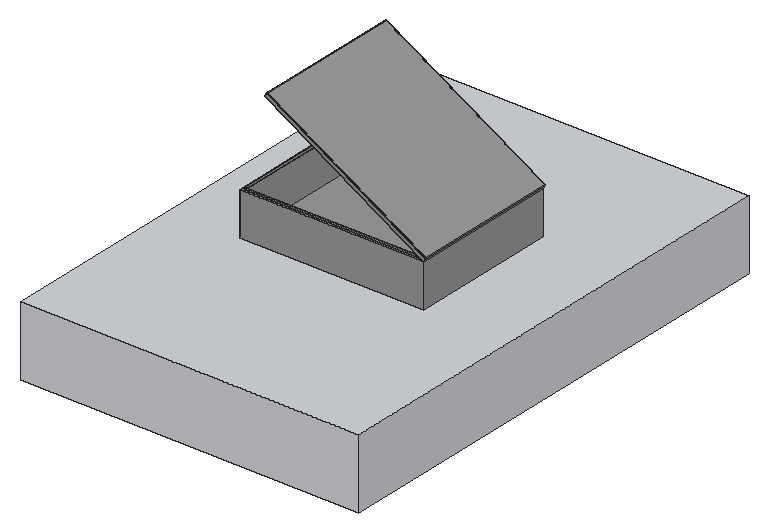
Revit family "Hager-Univers-IP54-D205-H650-Cl.I-Encl-CH-fr", category Equipement électrique, Revit 2020
Family settings
  Hôte = Face
  Configuration du panneau = Deux colonnes, circuits au sein
  Cote de connecteur circulaire = Utiliser le diamètre
  Type d'élément = Tableau de raccordement
  Couper avec des vides une fois chargée = Non
  Partagée = Non
  Point de calcul de pièce = Non
Parameters (values of type "saillie IP54 L800 H650 P205  - FP43TW2")
  Width Control [instance] = if([EF000008 - largeur] > Min Width, [EF000008 - largeur], Min Width)  # 800 mm
  Commentaires du type = [HG000003 - Gamme]  # "Univers"
  Thickness Door [instance] = if([EF009171 - épaisseur de matériau de la porte/du couvercle] > 3 mm, 3 mm, [EF009171 - épaisseur de matériau de la porte/du couvercle])  # 1 mm
  Seal Frame Offset [instance] = 17 mm  # constant formula
  Plinth Visibility [instance] = [HG000027 - Hauteur du socle] > 0 mm  # no
  Model = ""
  Min Width [instance] = 100 mm  # constant formula
  Min Height [instance] = 100 mm  # constant formula
  Min Depth [instance] = (2 * [EF009170 - épaisseur de matériau du boîtier]) + 1 mm  # 3 mm
  Internal Frame Depth [instance] = (Door System Depth * 0.5)  # 9 mm
  Height Control [instance] = if([EF000040 - hauteur] > Min Height, [EF000040 - hauteur], Min Height)  # 650 mm
  HG000027 - Hauteur du socle = 0 mm
  HG000026 - Installation au sol = no
  HG000024 - Hauteur de la section basse = 800 mm
  HG000023 - Armoire double section = no
  HG000016 - Visibilité de la porte 3D [instance] = yes
  HG000015 - Visibilité de l'emprise de la porte [instance] = no
  HG000014 - Porte à droite [instance] = yes
  HG000013 - Porte à gauche [instance] = not([HG000014 - Porte à droite])  # no
  HG000012 - Angle de pivotement de la porte [instance] = 30.00°
  HG000010 - Portes asymétriques = no
  HG000009 - Porte à double battant = no
  HG000006 - Encastré = no
  HG000004 - Référence fabricant = "FP43TW2"
  HG000003 - Gamme = "Univers"
  HG000002 - avec porte = yes
  Frame Offset Bottom [instance] = 10 mm  # constant formula
  Frame Offset [instance] = 15 mm  # constant formula
  EF015940 - couvercle avec décharge de pression = no
  EF011959 - degré de protection (NEMA) = ""
  EF009554 - nombre d'ouvertures pour plaques à bride = 6
  Fabricant = "Hager"  # constant formula
  EF009212 - finition du couvercle = "EV000116 - fermé"
  EF009171 - épaisseur de matériau de la porte/du couvercle = 1 mm
  EF009170 - épaisseur de matériau du boîtier = 1 mm
  EF008873 - courant nominal (In) = 250 A
  EF007800 - adapté à un parafoudre = no
  EF006306 - avec serrure = no
  EF006244 - couvercle/porte transparent(e) = no
  EF005474 - indice de protection (IP) = "EV006419 - IP54"
  EF004464 - type de porte = "EV002646 - unique"
  EF004427 - nombre de modules = 144
  EF004293 - indice de protection contre les chocs (IK) = "EV006815 - IK09"
  EF003532 - convient pour utilisation à l’extérieur = no
  EF002950 - largeur en nombre de modules = 36
  EF001613 - maintien de fonction = "EV000494 - sans"
  EF001596 - matériau du boîtier/corps = "EV000179 - acier"
  EF001131 - profondeur intérieure = 205 mm
  EF001088 - possibilité de montage en saillie = yes
  EF000437 - nombre d'entrées de conduit = 6
  EF000339 - type de capot = "EV001012 - couvercle"
  EF000266 - nombre de rangées = 4
  EF000218 - profondeur d'encastrement = 205 mm
  EF000118 - avec cadre/support de montage = no
  EF000116 - numéro RAL = "9010"
  EF000049 - profondeur = 205 mm
  EF000040 - hauteur = 650 mm
  EF000008 - largeur = 800 mm
  EF000007 - couleur = "EV000202 - blanc"
  EF000003 - mode de pose = "EV000384 - saillie"
  Door System Leaf Tolerance [instance] = 1.5 mm  # constant formula
  Door System Depth [instance] = 18 mm  # constant formula
  Door Height [instance] = Height Control - [HG000027 - Hauteur du socle]  # 650 mm
  Depth Control [instance] = if([EF000049 - profondeur] > Min Depth, [EF000049 - profondeur], Min Depth)  # 205 mm
  Default Elevation = 0 mm
  Connector Offset [instance] = Height Control / 2  # 325 mm
  Bottom Top Plate Trim [instance] = 1.5 mm  # constant formula
  Plinth height Ctrl [instance] = if([HG000027 - Hauteur du socle] > 0 mm, [HG000027 - Hauteur du socle], 12 mm)  # 12 mm
Types (5, lengths in mm): name | Width Control | HG000004 - Référence fabricant | EF009554 - nombre d'ouvertures pour plaques à bride | EF004464 - type de porte | EF004427 - nombre de modules | EF002950 - largeur en nombre de modules | EF000437 - nombre d'entrées de conduit | EF000008 - largeur
  saillie IP54 L1050 H650 P205  - FP44TW2 | 1050 | "FP44TW2" | 8 | "EV003602 - double" | 192 | 48 | 8 | 1050
  saillie IP54 L1300 H650 P205  - FP45TW2 | 1300 | "FP45TW2" | 10 | "EV003602 - double" | 240 | 60 | 10 | 1300
  saillie IP54 L300 H650 P205  - FP41TW2 | 300 | "FP41TW2" | 2 | "EV002646 - unique" | 48 | 12 | 2 | 300
  saillie IP54 L550 H650 P205  - FP42TW2 | 550 | "FP42TW2" | 4 | "EV002646 - unique" | 96 | 24 | 4 | 550
  saillie IP54 L800 H650 P205  - FP43TW2 | 800 | "FP43TW2" | 6 | "EV002646 - unique" | 144 | 36 | 6 | 800
Reference planes
  plane 1 "Center (Front/Back)": y = 0
  plane 2: z = 0
  plane 3 "Center (Left/Right)": x = 0
  plane 4: z = 205
  plane 5: y = 1
  plane 6: y = 325
  plane 7: y = 0
  plane 8: y = 650
  plane 9: z = 0
  plane 10: x = -385
  plane 11: x = 385
  plane 12: x = 384
  plane 13: x = -384
  plane 14: y = 649
  plane 15: x = -383
  plane 16: x = -400
  plane 17: x = 383
  plane 18: x = 400
  plane 19: x = 399
  plane 20: x = -399
  plane 21: y = 11
  plane 22: y = 650
  plane 23: y = 634
  plane 24: z = 187
  plane 25: z = 1
  plane 26: z = 186
  plane 27: z = 204
Forms (mm)
  Extrusion 1, solid
    sketch origin (0, 0, 0) x (1, 0, 0) y (0, 1, 0)
      loop
        line (-702.964, 1305) -> (-702.964, -811.445) -> (766.763, -811.445) -> (766.763, 1305) -> (-702.964, 1305)
    from 0 to -304.8
  Extrusion 2, solid, material "Hager_Steel_RAL7035_Light_Grey", visible <- "Plinth Visibility", detail levels medium+fine
    sketch origin (0, 0, 0) x (1, 0, 0) y (0, 1, 0)
      loop
        line (-400, 0) -> (400, 0) -> (400, 12) -> (-400, 12) -> (-400, 0)
    from 0 to 187
  Extrusion 3, solid, material "Hager_Steel_RAL7035_Light_Grey", detail levels medium+fine
    sketch origin (0, 0, 0) x (1, 0, 0) y (0, 1, 0)
      loop
        line (-400, 0) -> (400, 0) -> (400, 650) -> (-400, 650) -> (-400, 0)
    from 0 to 187
  Extrusion 4, void
    sketch origin (0, 0, 0) x (1, 0, 0) y (0, 1, 0)
      loop
        line (-399, 1) -> (399, 1) -> (399, 649) -> (-399, 649) -> (-399, 1)
    from 1 to 186
  Extrusion 5, void
    sketch origin (-381.607, -4572, 187) x (0, -1, 0) y (-1, 0, 0)
      loop
        line (-4583, 2.393) -> (-5206, 2.393) -> (-5206, -765.607) -> (-4583, -765.607) -> (-4583, 2.393)
    from 0 to 1 <- "EF009170 - épaisseur de matériau du boîtier"
  Extrusion 6, solid, material "Hager_Steel_RAL7035_Light_Grey", detail levels fine
    sketch origin (0, 0, 187) x (1, 0, 0) y (0, 1, 0)
      loop
        line (-384, 634) -> (-384, 11) -> (384, 11) -> (384, 634) -> (-384, 634)
      loop
        line (-385, 10) -> (385, 10) -> (385, 635) -> (-385, 635) -> (-385, 10)
    from 0 to 9 <- "Internal Frame Depth"
  Extrusion 7, solid, material "Hager_Steel_RAL7035_Light_Grey", detail levels coarse
    sketch origin (0, 0, 0) x (1, 0, 0) y (0, 1, 0)
      loop
        line (-400, 0) -> (400, 0) -> (400, 650) -> (-400, 650) -> (-400, 0)
    from 0 to 205
  Sweep 8, void
    path in 3D
      loop
        line (-400, 12, 0) -> (400, 12, 0) -> (400, 12, 187) -> (-400, 12, 187) -> (-400, 12, 0)
    profile origin (-400, 12, 93.5) x (-1, 0, 0) y (0, -1, 0)
      loop
        line (0, 0) -> (0, 1.5) -> (-1.5, 1.5)
        arc (-1.5, 1.5) -> (-1.061, 0.439) -> (0, 0) r 1.5
Cuts and joins
  Extrusion 4, Extrusion 5 cuts Extrusion 3
  Sweep 8 cuts Extrusion 2
Lines and regions (mm)
  Masking region 1
    outline origin (0, 0, 0) x (1, 0, 0) y (0, 0, 1)
      loop
        line (-400, 205) -> (-400, 0) -> (400, 0) -> (400, 205) -> (-400, 205)
  Masking region 2, detail levels medium+fine
    outline origin (0, 140, 0) x (0, 1, 0) y (0, 0, 1)
      loop
        line (-140, 0) -> (510, 0) -> (510, 187) -> (-140, 187) -> (-140, 0)
  Masking region 3, not visible, detail levels medium+fine
    outline origin (0, 297.922, 0) x (0, 1, 0) y (0, 0, 1)
      loop
        line (38.578, 0) -> (78.578, 0) -> (78.578, 194)
        arc (78.578, 194) -> (75.649, 201.071) -> (68.578, 204) r 10
        line (68.578, 204) -> (38.578, 204) -> (38.578, 0)
  Masking region 4, detail levels coarse
    outline origin (0, 0, 180) x (0, 1, 0) y (0, 0, 1)
      loop
        line (0, -180) -> (650, -180) -> (650, 25) -> (0, 25) -> (0, -180)
  Masking region 5, visible <- "Plinth Visibility", detail levels medium+fine
    outline origin (0, 52.24, 12.345) x (0, 0, -1) y (0, 1, 0)
      loop
        line (10.845, -40.24) -> (-173.155, -40.24)
        arc (-173.155, -40.24) -> (-173.594, -41.301) -> (-174.655, -41.74) r 1.5
        line (-174.655, -41.74) -> (-174.655, -52.24) -> (12.345, -52.24) -> (12.345, -41.74)
        arc (12.345, -41.74) -> (11.285, -41.301) -> (10.845, -40.24) r 1.5
  Masking region 6, detail levels medium+fine
    outline origin (-381.607, -4572, 187) x (-1, 0, 0) y (0, -1, 0)
      loop
        line (18.393, -5222) -> (18.393, -4572) -> (-781.607, -4572) -> (-781.607, -5222) -> (18.393, -5222)
  Masking region 7, visible <- "Plinth Visibility", detail levels medium+fine
    outline origin (-381.607, -4727, 187) x (-1, 0, 0) y (0, -1, 0)
      loop
        arc (16.893, -4739) -> (17.332, -4737.939) -> (18.393, -4737.5) r 1.5
        line (18.393, -4737.5) -> (18.393, -4727) -> (-781.607, -4727) -> (-781.607, -4737.5)
        arc (-781.607, -4737.5) -> (-780.546, -4737.939) -> (-780.107, -4739) r 1.5
        line (-780.107, -4739) -> (16.893, -4739)
  Masking region 8, detail levels coarse
    outline origin (-442.548, -4669.526, 187) x (-1, 0, 0) y (0, -1, 0)
      loop
        line (-42.548, -5319.526) -> (-42.548, -4669.526) -> (-842.548, -4669.526) -> (-842.548, -5319.526) -> (-42.548, -5319.526)
  sketch lines
    curve 1: line (-400, 12, 187) -> (-400, 12, 0)
    curve 2: line (400, 12, 187) -> (-400, 12, 187)
    curve 3: line (400, 12, 187) -> (400, 12, 0)
    curve 4: line (-400, 12, 0) -> (400, 12, 0)
Dimensions and locks
  "Depth Control": plane 4 to Extrusion 1
  "HG000027 - Hauteur du socle": plane 1 "Center (Front/Back)" to plane 7
  "EF009170 - épaisseur de matériau du boîtier": plane 5 to plane 7
  locked: connector elem to plane 3 "Center (Left/Right)"
  equal spacing: plane 8, plane 6, plane 7
  locked: connector elem to plane 6
  "EF009170 - épaisseur de matériau du boîtier": plane 8 to plane 14
  "EF009170 - épaisseur de matériau du boîtier": plane 10 to plane 13
  "EF009170 - épaisseur de matériau du boîtier": plane 12 to plane 11
  "Frame Offset": plane 20 to plane 13
  "Frame Offset": plane 12 to plane 19
  "EF009170 - épaisseur de matériau du boîtier": plane 16 to plane 20
  "EF009170 - épaisseur de matériau du boîtier": plane 19 to plane 18
  "Seal Frame Offset": plane 16 to plane 15
  "Seal Frame Offset": plane 17 to plane 18
  "Frame Offset Bottom": plane 21 to plane 5
  "Frame Offset": plane 14 to plane 23
  equal spacing: plane 16, plane 3 "Center (Left/Right)", plane 18
  "Width Control": plane 16 to plane 18
  "EF009170 - épaisseur de matériau du boîtier": plane 4 to plane 27
  "EF009170 - épaisseur de matériau du boîtier": plane 24 to plane 26
  "EF009170 - épaisseur de matériau du boîtier": plane 25 to level
  "Door System Depth": plane 4 to plane 24
  "Height Control": plane 1 "Center (Front/Back)" to Extrusion 7 sketch curve
  "Height Control": Masking region 4 sketch curve to plane 1 "Center (Front/Back)"
  "Height Control": plane 1 "Center (Front/Back)" to plane 22
  "Bottom Top Plate Trim": profile plane to Sweep 8 sketch curve
  "Bottom Top Plate Trim": Sweep 8 sketch curve to profile plane
  "Plinth height Ctrl": plane 1 "Center (Front/Back)" to Extrusion 2 sketch curve
  "Plinth height Ctrl": Masking region 5 sketch curve to plane 1 "Center (Front/Back)"
  "Plinth height Ctrl": plane 1 "Center (Front/Back)" to Masking region 7 sketch curve
  "Thickness Door": Extrusion 6 sketch curve to Extrusion 6 sketch curve  (x3)
  "Thickness Door": cut or joined group of Extrusion 3, Extrusion 4, Extrusion 5 to Extrusion 6 sketch curve
  radius of Masking region 3 sketch curve = 10 mm
  "Bottom Top Plate Trim": radius of Masking region 5 sketch curve  (x2)
  "Bottom Top Plate Trim": radius of Sweep 8 sketch curve
  "Bottom Top Plate Trim": radius of Masking region 7 sketch curve  (x2)
  aligned and locked: plane 2 to Extrusion 1
  aligned and locked: level to Extrusion 1
  aligned and locked: level to Masking region 1 sketch curve
  aligned and locked: Masking region 1 sketch curve to plane 18
  aligned and locked: Masking region 1 sketch curve to plane 16
  aligned and locked: plane 7 to Masking region 2 sketch curve
  aligned and locked: level to Masking region 3 sketch curve
  aligned and locked: Masking region 3 sketch curve to plane 27
  aligned and locked: level to Masking region 2 sketch curve
  aligned and locked: plane 1 "Center (Front/Back)" to Extrusion 2 sketch curve
  aligned and locked: Extrusion 3 sketch curve to plane 7
  aligned and locked: plane 16 to Extrusion 3 sketch curve
  aligned and locked: plane 18 to Extrusion 3 sketch curve
  aligned and locked: plane 20 to Extrusion 4 sketch curve
  aligned and locked: plane 19 to Extrusion 4 sketch curve
  aligned and locked: Extrusion 4 sketch curve to plane 5
  aligned and locked: Extrusion 4 to plane 25
  aligned and locked: plane 26 to Extrusion 4
  aligned and locked: plane 24 to Extrusion 3
  aligned and locked: Extrusion 5 sketch curve to plane 21
  aligned and locked: Extrusion 5 sketch curve to plane 13
  aligned and locked: Extrusion 5 sketch curve to plane 12
  aligned and locked: plane 18 to Extrusion 7 sketch curve
  aligned and locked: plane 1 "Center (Front/Back)" to Extrusion 7 sketch curve
  aligned and locked: plane 16 to Extrusion 7 sketch curve
  aligned and locked: plane 4 to Extrusion 7
  aligned and locked: Extrusion 7 to level
  aligned and locked: level to Masking region 4 sketch curve
  aligned and locked: Masking region 4 sketch curve to plane 1 "Center (Front/Back)"
  aligned and locked: Masking region 4 sketch curve to plane 4
  aligned and locked: nested 1 to level
  aligned and locked: nested 1 to plane 16
  aligned and locked: plane 8 to Extrusion 3 sketch curve
  aligned and locked: plane 23 to Extrusion 5 sketch curve
  aligned and locked: plane 14 to Extrusion 4 sketch curve
  aligned and locked: Masking region 2 sketch curve to plane 8
  aligned and locked: level to Masking region 5 sketch curve
  aligned and locked: plane 16 to Extrusion 2 sketch curve
  aligned and locked: plane 18 to Extrusion 2 sketch curve
  aligned and locked: Masking region 5 sketch curve to plane 24
  aligned and locked: Masking region 2 sketch curve to plane 24
  aligned and locked: plane 24 to Extrusion 2
  aligned and locked: profile plane to Sweep 8 sketch curve  (x2)
  aligned and locked: Masking region 6 sketch curve to plane 18
  aligned and locked: Masking region 6 sketch curve to plane 22
  aligned and locked: Masking region 6 sketch curve to plane 16
  aligned and locked: plane 8 to plane 22
  aligned and locked: Masking region 6 sketch curve to plane 7
  aligned and locked: Masking region 7 sketch curve to plane 16
  aligned and locked: Masking region 7 sketch curve to plane 1 "Center (Front/Back)"
  aligned and locked: Masking region 7 sketch curve to plane 18
  aligned and locked: Masking region 8 sketch curve to plane 1 "Center (Front/Back)"
  aligned and locked: Masking region 8 sketch curve to plane 18
  aligned and locked: Masking region 8 sketch curve to plane 22
  aligned and locked: Masking region 8 sketch curve to plane 16
  aligned and locked: nested 2 to plane 7
  aligned and locked: plane 3 "Center (Left/Right)" to nested 2
  aligned and locked: nested 2 to plane 24
  aligned and locked: Extrusion 6 sketch curve to cut or joined group of Extrusion 3, Extrusion 4, Extrusion 5  (x4)
Automatic sketch dimensions
  Extrusion 1 sketch curve to Extrusion 1 sketch curve = 1469.727 mm
  Extrusion 1 sketch curve to Extrusion 1 sketch curve = 2116.445 mm
  Masking region 1 sketch curve to plane 4 = 0 mm
  plane 6 to Masking region 3 sketch curve = 11.5 mm
  Masking region 3 sketch curve to Masking region 3 sketch curve = 30 mm
  Masking region 5 sketch curve to plane 1 "Center (Front/Back)" = 0 mm
Nested families
  nested 1: "Hager_Enclosure_Symbol" at (-400, 0, 0) x (1, 0, 0) z (0, -1, 0), Height <- "Depth Control", Width <- "Width Control", type "Hager_Enclosure_Symbol"
    with Width_Ctrl 800 mm, Width 800 mm, Height_Ctrl 205 mm, Height 205 mm, A_Width_Int 13.453 mm, A_Width 161.438 mm, A_Height_Ctrl 179.375 mm, A_Height 179.375 mm
  nested 2: "EC000058_Univers_Door" at (0, 0, 187) x (1, 0, 0) z (0, 1, 0), Leaf_Tolerance <- "Door System Leaf Tolerance", Angle <- "HG000012 - Angle de pivotement de la porte", Door_Depth <- "Door System Depth", Door_Left <- "HG000013 - Porte à gauche", Transparent <- "EF006244 - couvercle/porte transparent(e)", Assymetrical <- "HG000010 - Portes asymétriques", Width <- "Width Control", Clearance <- "HG000015 - Visibilité de l'emprise de la porte", Double <- "HG000009 - Porte à double battant", 3d_Door <- "HG000016 - Visibilité de la porte 3D", Lock_Visibility <- "EF006306 - avec serrure", Width_Ctrl <- "Width Control", Door_Right <- "HG000014 - Porte à droite", Door <- "HG000002 - avec porte", Height <- "Door Height", Thickness <- "Thickness Door", type "EC000058_Univers_Door", detail levels medium+fine
    with min_wh 3 mm, Width_Ctrl 800 mm, Width 800 mm, Transparent no, Thickness 1 mm, Seal_Material Hager_Rubber, Lock_Visibility no, Lock_Material Hager_Plastic_RAL9005_Jet_Black, Leaf_Width 800 mm, Leaf_Tolerance_External_Sides 0 mm, Leaf_Tolerance 1.5 mm, Leaf_Offset 0 mm, Leaf_Height 647 mm, Leaf_2_Width 800 mm, Leaf_2_Offset 400 mm, Leaf_1_Width 800 mm, Leaf_1_Offset 400 mm, Height_Ctrl 650 mm, Height 650 mm, Glass_Material Hager_Glass, Double_Clearance_Ctrl no, Double no, Door_Right_Ctrl yes, Door_Right yes, Door_Material Hager_Steel_RAL7035_Light_Grey, Door_Left_Ctrl no, Door_Left no, Door_Depth 18 mm, Door yes, Clearance_Material Hager_Clearance, Clearance_Depth 800 mm, Clearance_Ctrl no, Clearance no, Assymetrical no, Angle 30.00°, 3d_Door yes
Connectors
  electrical at (0, 325, 0)
    settings: on plane 9, index 1, voltage 0 V, apparent load 0 VA, apparent load phase1 0 VA, apparent load phase2 0 VA, apparent load phase3 0 VA, power factor 1, load classification "Other", number of poles 1, system type 30, power factor state 1, is connector primary yes, connector utility no, sub classification motor no, connector description ""
Definition of nested family "EC000058_Univers_Door"
  Parameters (values of type "EC000058_Univers_Door")
    min_wh [instance] = (2 * Thickness) + 1 mm  # 11 mm
    Width_Ctrl [instance] = 400 mm
    Width [instance] = 500 mm
    Transparent [instance] = yes
    Thickness [instance] = 5 mm
    Seal_Material [instance] = none
    Lock_Visibility [instance] = yes
    Lock_Material [instance] = none
    Leaf_Width [instance] = if((Width_Ctrl - 2 * Leaf_Tolerance_External_Sides) > 0 mm, (Width_Ctrl - 2 * Leaf_Tolerance_External_Sides), min_wh)  # 400 mm
    Leaf_Tolerance_External_Sides [instance] = 0 mm  # constant formula
    Leaf_Tolerance [instance] = 1.5 mm
    Leaf_Offset [instance] = 0 mm  # constant formula
    Leaf_Height [instance] = if((Height_Ctrl - 2 * Leaf_Tolerance) > 0 mm, (Height_Ctrl - 2 * Leaf_Tolerance), min_wh)  # 497 mm
    Leaf_2_Width [instance] = if(and(and(Double, Assymetrical), Door_Left), (Leaf_Width / 3) - (Leaf_Tolerance / 2), if(and(and(Double, Assymetrical), Door_Right), (Leaf_Width / 3) * 2 - (Leaf_Tolerance / 2), if(and(Double, not(Assymetrical)), (Leaf_Width / 2) - Leaf_Tolerance, Leaf_Width)))  # 400 mm
    Leaf_2_Offset [instance] = if(and(Double, Assymetrical), Leaf_2_Width / 2, if(and(Double, not(Assymetrical)), Leaf_Width / 4, Leaf_Width / 2))  # 200 mm
    Leaf_1_Width [instance] = if(and(and(Double, Assymetrical), Door_Right), (Leaf_Width / 3) - (Leaf_Tolerance / 2), if(and(and(Double, Assymetrical), Door_Left), (Width / 3) * 2 - (Leaf_Tolerance / 2), if(and(Double, not(Assymetrical)), (Leaf_Width / 2) - Leaf_Tolerance, Leaf_Width)))  # 400 mm
    Leaf_1_Offset [instance] = if(and(Double, Assymetrical), Leaf_1_Width / 2, if(and(Double, not(Assymetrical)), Leaf_Width / 4, Leaf_Width / 2))  # 200 mm
    Height_Ctrl [instance] = if(Height > min_wh, Height, min_wh)  # 500 mm
    Height [instance] = 500 mm
    Glass_Material [instance] = none
    Double_Clearance_Ctrl [instance] = and(Double, Clearance)  # no
    Double [instance] = no
    Door_Right_Ctrl [instance] = and(or(Door_Right, Double), Door)  # yes
    Door_Right [instance] = yes
    Door_Material [instance] = none
    Door_Left_Ctrl [instance] = and(or(Door_Left, Double), Door)  # no
    Door_Left [instance] = no
    Door_Depth [instance] = 30 mm
    Door [instance] = yes
    Default Elevation = 1219.2 mm
    Clearance_Material [instance] = none
    Clearance_Depth [instance] = if(Leaf_1_Width > Leaf_2_Width, Leaf_1_Width, Leaf_2_Width)  # 400 mm
    Clearance_Ctrl [instance] = and(not(Double), Clearance)  # yes
    Clearance [instance] = yes
    Assymetrical [instance] = yes
    Angle [instance] = 30.00°
    3d_Door [instance] = yes
  Reference planes
    plane 1 "Center (Front/Back)": y = 0
    plane 2 "Bottom": z = 0
    plane 3 "Center (Left/Right)": x = 0
    plane 4: z = 500
    plane 5: x = -200
    plane 6: x = 200
    plane 7: z = 500
    plane 8: x = -200
    plane 9: z = 0
    plane 10: x = 200
    plane 11: y = 0
    plane 12: z = 1.5
    plane 13: x = -600
    plane 14: y = -400
    plane 15: x = 600
    plane 16: x = 0
    plane 17: x = 0
    plane 18: x = -200
    plane 19: x = 200
    plane 20: z = 498.5
  Forms (mm)
    Extrusion 1, solid, material <- "Clearance_Material", visible <- "Double_Clearance_Ctrl"
      sketch origin (1200, 0, 0) x (1, 0, 0) y (0, 0, -1)
        loop
          line (-1800, -498.5) -> (-600, -498.5) -> (-600, 0) -> (-1800, 0) -> (-1800, -498.5)
      from 0 to -400
  Dimensions and locks
    equal spacing: plane 5, plane 3 "Center (Left/Right)", plane 6
    "Width_Ctrl": plane 5 to plane 6
    "Leaf_Offset": plane 5 to plane 8
    "Leaf_Offset": plane 6 to plane 10
    "Leaf_Offset": plane 9 to level
    "Leaf_Offset": plane 4 to plane 7
    "Height_Ctrl": plane 4 to level
    "Leaf_Tolerance": plane 12 to plane 9
    locked: plane 11 to plane 1 "Center (Front/Back)"
    "Leaf_1_Offset": plane 18 to plane 16
    "Leaf_2_Offset": plane 17 to plane 19
    "Leaf_1_Width": plane 13 to plane 8
    "Leaf_2_Width": plane 10 to plane 15
    "Clearance_Depth": plane 14 to plane 1 "Center (Front/Back)"
    "Leaf_Tolerance_External_Sides": plane 8 to plane 18
    "Leaf_Tolerance_External_Sides": plane 19 to plane 10
    "Leaf_Tolerance": plane 7 to plane 20
    aligned and locked: level to plane 2 "Bottom"
    aligned and locked: nested 1 to plane 16
    aligned and locked: nested 2 to plane 17
    aligned and locked: Extrusion 1 to plane 13
    aligned and locked: plane 15 to Extrusion 1
    aligned and locked: Extrusion 1 to plane 14
    aligned and locked: plane 12 to nested 1
    aligned and locked: nested 2 to plane 12
    aligned and locked: Extrusion 1 to plane 11
    aligned and locked: plane 20 to Extrusion 1
    aligned and locked: nested 2 to plane 11
    aligned and locked: nested 1 to plane 11
  Automatic sketch dimensions
    Extrusion 1 sketch curve to level = 0 mm
    plane 5 to Extrusion 1 sketch curve = 400 mm
    plane 6 to Extrusion 1 sketch curve = 400 mm
    Extrusion 1 sketch curve to plane 4 = 1.5 mm
  Nested families
    nested 1: "EC000058_Univers_Door_Leaf" at (0, 0, 1.5), Width <- "Leaf_1_Width", visible <- "Door_Left_Ctrl", Leaf_Height <- "Leaf_Height", Angle <- "Angle", 3d_Door <- "3d_Door", Transparent <- "Transparent", Clearance Material <- "Clearance_Material", Clearance <- "Clearance_Ctrl", Door_Material <- "Door_Material", Glass_Material <- "Glass_Material", Door_Depth <- "Door_Depth", Lock_Material <- "Lock_Material", Seal_Material <- "Seal_Material", Lock_Visibility <- "Lock_Visibility", Thickness <- "Thickness", type "EC000058_Univers_Door_Leaf"
      with Width 400 mm, Transparent_Glass_Offset 30 mm, Transparent_Ctrl yes, Transparent yes, Thickness 5 mm, Standard no, Seal_Material none, Seal_D2 8 mm, Seal_D1 1 mm, Offset_Internal_Frame 10 mm, Lock_Width 20 mm, Lock_Visibility_3d yes, Lock_Visibility yes, Lock_Thickness_3 3 mm, Lock_Thickness_2 1 mm, Lock_Thickness_1 3 mm, Lock_Radius_Offset_2 16 mm, Lock_Radius_Offset_1 15 mm, Lock_Radius_2 5 mm, Lock_Radius 6 mm, Lock_Offset 5 mm, Lock_Material none, Lock_Height 80 mm, Lock_Cover_Top_Offset_2d 17 mm, Lock_Cover_Height -65 mm, Leaf_Height 497 mm, Internal_Seal_Thickness 8 mm, Internal_Seal_Depth_2 4.5 mm, Internal_Frame_Depth 25 mm, Glass_Thickness -1 mm, Glass_Offset -2 mm, Glass_Material none, Door_Material none, Door_Depth 30 mm, Clearance Material none, Clearance yes, Angle_Ctrl 30.00°, Angle 30.00°, 3d_Door yes
    nested 2: "EC000058_Univers_Door_Leaf" at (0, 0, 1.5) x (-1, 0, 0) z (0, 0, 1), Width <- "Leaf_2_Width", visible <- "Door_Right_Ctrl", Leaf_Height <- "Leaf_Height", Angle <- "Angle", 3d_Door <- "3d_Door", Transparent <- "Transparent", Clearance Material <- "Clearance_Material", Clearance <- "Clearance_Ctrl", Door_Material <- "Door_Material", Glass_Material <- "Glass_Material", Door_Depth <- "Door_Depth", Lock_Material <- "Lock_Material", Seal_Material <- "Seal_Material", Lock_Visibility <- "Lock_Visibility", Thickness <- "Thickness", type "EC000058_Univers_Door_Leaf"
      with Width 400 mm, Transparent_Glass_Offset 30 mm, Transparent_Ctrl yes, Transparent yes, Thickness 5 mm, Standard no, Seal_Material none, Seal_D2 8 mm, Seal_D1 1 mm, Offset_Internal_Frame 10 mm, Lock_Width 20 mm, Lock_Visibility_3d yes, Lock_Visibility yes, Lock_Thickness_3 3 mm, Lock_Thickness_2 1 mm, Lock_Thickness_1 3 mm, Lock_Radius_Offset_2 16 mm, Lock_Radius_Offset_1 15 mm, Lock_Radius_2 5 mm, Lock_Radius 6 mm, Lock_Offset 5 mm, Lock_Material none, Lock_Height 80 mm, Lock_Cover_Top_Offset_2d 17 mm, Lock_Cover_Height -65 mm, Leaf_Height 497 mm, Internal_Seal_Thickness 8 mm, Internal_Seal_Depth_2 4.5 mm, Internal_Frame_Depth 25 mm, Glass_Thickness -1 mm, Glass_Offset -2 mm, Glass_Material none, Door_Material none, Door_Depth 30 mm, Clearance Material none, Clearance yes, Angle_Ctrl 30.00°, Angle 30.00°, 3d_Door yes
  Definition of nested family "EC000058_Univers_Door_Leaf"
    Parameters (values of type "EC000058_Univers_Door_Leaf")
      Width [instance] = 2000 mm
      Transparent_Glass_Offset [instance] = 30 mm
      Transparent_Ctrl [instance] = and(Transparent, [3d_Door])  # yes
      Transparent [instance] = yes
      Thickness [instance] = 5 mm
      Standard [instance] = and(not(Transparent), [3d_Door])  # no
      Seal_Material [instance] = none
      Seal_D2 [instance] = 8 mm  # constant formula
      Seal_D1 [instance] = 1 mm  # constant formula
      Offset_Internal_Frame [instance] = 10 mm  # constant formula
      Lock_Width [instance] = 20 mm  # constant formula
      Lock_Visibility_3d [instance] = and(Lock_Visibility, [3d_Door])  # yes
      Lock_Visibility [instance] = yes
      Lock_Thickness_3 [instance] = 3 mm  # constant formula
      Lock_Thickness_2 [instance] = 1 mm  # constant formula
      Lock_Thickness_1 [instance] = 3 mm  # constant formula
      Lock_Radius_Offset_2 [instance] = Lock_Radius_Offset_1 + 1 mm  # 16 mm
      Lock_Radius_Offset_1 [instance] = 15 mm  # constant formula
      Lock_Radius_2 [instance] = Lock_Radius - 1 mm  # 5 mm
      Lock_Radius [instance] = 6 mm  # constant formula
      Lock_Offset [instance] = 5 mm  # constant formula
      Lock_Material [instance] = none
      Lock_Height [instance] = 80 mm  # constant formula
      Lock_Cover_Top_Offset_2d [instance] = Lock_Radius_Offset_2 + 1 mm  # 17 mm
      Lock_Cover_Height [instance] = -(Lock_Height - Lock_Radius_Offset_1)  # -65 mm
      Leaf_Height [instance] = 2720.336 mm
      Internal_Seal_Thickness [instance] = 8 mm  # constant formula
      Internal_Seal_Depth_2 [instance] = 4.5 mm  # constant formula
      Internal_Frame_Depth [instance] = if(Door_Depth - Thickness > 5 mm, Door_Depth - Thickness, 5 mm)  # 25 mm
      Glass_Thickness [instance] = if(Thickness > 15 mm, Glass_Offset + 10 mm, -1 mm)  # -1 mm
      Glass_Offset [instance] = if(Thickness > 15 mm, -(Thickness + 10 mm) / 2, -2 mm)  # -2 mm
      Glass_Material [instance] = none
      Door_Material [instance] = none
      Door_Depth [instance] = 30 mm
      Default Elevation = 0 mm
      Clearance Material [instance] = none
      Clearance [instance] = yes
      Angle_Ctrl [instance] = if(Angle > 180.00°, 180.00°, Angle)  # 90.00°
      Angle [instance] = 90.00°
      3d_Door [instance] = yes
    Reference planes
      plane 1 "Center (Front/Back)": y = 0
      plane 2: z = 0
      plane 3 "Center (Left/Right)": x = 0
      plane 4: y = 2000
      plane 5: x = -1000
      plane 6: x = 1000
      plane 7: x = -3000
      plane 8: z = 2720.336
      plane 9: z = 30
      plane 10: z = 2690.336
      plane 11: x = 970
      plane 12: x = -970
      plane 13: y = -3
      plane 14: z = 107.833
      plane 15: y = -5
      plane 16: y = -223.314
      plane 17: x = -1000
      plane 18: z = 1360.168
      plane 19: y = 30
    Forms (mm)
      Extrusion 1, solid, material <- "Clearance Material", visible <- "Clearance"
        sketch origin (0, 0, 0) x (1, 0, 0) y (0, 0, 1)
          loop
            line (-3000, 2720.336) -> (-3000, 0) -> (1000, 0) -> (1000, 2720.336) -> (-3000, 2720.336)
        from 0 to -2000
      Extrusion 2, solid, material <- "Door_Material", visible <- "Standard", detail levels medium+fine
        sketch origin (-1000, 0, 0) x (0, 1, 0) y (-1, 0, 0)
          loop
            line (0, 30) -> (0, 25) -> (2000, 25) -> (2000, 30) -> (0, 30)
        from 0 to 2720.336 <- "Leaf_Height"
      Extrusion 3, solid, material <- "Door_Material", visible <- "Transparent_Ctrl", detail levels medium+fine
        sketch origin (-1000, 0, 0) x (0, 1, 0) y (-1, 0, 0)
          loop
            line (0, 25) -> (2000, 25) -> (2000, 30) -> (0, 30) -> (0, 25)
        from 0 to 2720.336 <- "Leaf_Height"
      Extrusion 4, void
        sketch origin (-1025, 2000, 0) x (0, 1, 0) y (0, 0, -1)
          loop
            line (-30, -2690.336) -> (-30, -30) -> (-1970, -30) -> (-1970, -2690.336) -> (-30, -2690.336)
        from 0 to 5 <- "Thickness"
      Sweep 5, solid, material <- "Seal_Material", visible <- "Transparent_Ctrl", detail levels fine
        path in 3D
          loop
            line (-1025, 30, 30) -> (-1025, 30, 2690.336) -> (-1025, 1970, 2690.336) -> (-1025, 1970, 30) -> (-1025, 30, 30)
        profile origin (-1025, 1000, 30) x (1, 0, 0) y (0, 0, 1)
          loop
            line (0, 0) -> (0, -8) -> (1, -8) -> (1, 0) -> (0, 0)
      Extrusion 6, solid, material <- "Glass_Material", visible <- "Transparent_Ctrl", detail levels medium+fine
        sketch origin (-1030, 0, 0) x (0, 1, 0) y (0, 0, -1)
          loop
            line (1970, -2690.336) -> (1970, -30) -> (30, -30) -> (30, -2690.336) -> (1970, -2690.336)
        from -2 <- "Glass_Offset" to -1 <- "Glass_Thickness"
      Extrusion 7, solid, material <- "Door_Material", visible <- "3d_Door", detail levels medium+fine
        sketch origin (-1025, 2000, 0) x (0, -1, 0) y (0, 0, -1)
          loop
            line (0, -2720.336) -> (2000, -2720.336) -> (2000, 0) -> (0, 0) -> (0, -2720.336)
          loop
            line (1995, -5) -> (5, -5) -> (5, -2715.336) -> (1995, -2715.336) -> (1995, -5)
        from 0 to 25 <- "Internal_Frame_Depth"
      Sweep 8, solid, material <- "Seal_Material", visible <- "Transparent_Ctrl", detail levels fine
        path in 3D
          loop
            line (-1025, 0, 0) -> (-1025, 2000, 0) -> (-1025, 2000, 2720.336) -> (-1025, 0, 2720.336) -> (-1025, 0, 0)
        profile origin (-1025, 0, 1360.168) x (1, 0, 0) y (0, 1, 0)
          loop
            line (0, 10) -> (2.975, 10)
            arc (2.975, 10) -> (4.053, 10.447) -> (4.5, 11.525) r 1.525
            line (4.5, 11.525) -> (4.5, 16.527)
            arc (4.5, 16.527) -> (4.069, 17.569) -> (3.027, 18) r 1.473
            line (3.027, 18) -> (0, 18) -> (0, 10)
      Extrusion 9, solid, material <- "Lock_Material", visible <- "Lock_Visibility_3d", detail levels fine
        sketch origin (-1030, 0, 0) x (0, 1, 0) y (0, 0, -1)
          loop
            arc (1993.5, -1400.168) -> (1994.561, -1399.729) -> (1995, -1398.668) r 1.5
            line (1995, -1398.668) -> (1995, -1320.168) -> (1975, -1320.168) -> (1975, -1398.668)
            arc (1975, -1398.668) -> (1975.439, -1399.729) -> (1976.5, -1400.168) r 1.5
            line (1976.5, -1400.168) -> (1993.5, -1400.168)
        from 3 <- "Lock_Thickness_1" to 0
      Blend 10, solid, material <- "Lock_Material", visible <- "Lock_Visibility_3d", detail levels fine
        base sketch origin (-1033, 0, 0) x (0, 1, 0) y (0, 0, -1)
          loop
            line (1975, -1320.168) -> (1975, -1398.668)
            arc (1975, -1398.668) -> (1975.439, -1399.729) -> (1976.5, -1400.168) r 1.5
            line (1976.5, -1400.168) -> (1993.5, -1400.168)
            arc (1993.5, -1400.168) -> (1994.561, -1399.729) -> (1995, -1398.668) r 1.5
            line (1995, -1398.668) -> (1995, -1320.168) -> (1975, -1320.168)
        top sketch origin (-1033, 0, 0) x (0, 1, 0) y (0, 0, -1)
          loop
            line (1976, -1320.168) -> (1976, -1398.668)
            arc (1976, -1398.668) -> (1976.146, -1399.022) -> (1976.5, -1399.168) r 0.5
            line (1976.5, -1399.168) -> (1993.5, -1399.168)
            arc (1993.5, -1399.168) -> (1993.854, -1399.022) -> (1994, -1398.668) r 0.5
            line (1994, -1398.668) -> (1994, -1320.168) -> (1976, -1320.168)
        from 0 to 1 <- "Lock_Thickness_2"
      Blend 11, solid, material <- "Lock_Material", visible <- "Lock_Visibility_3d", detail levels fine
        base sketch origin (-1034, 0, 0) x (0, 1, 0) y (0, 0, -1)
          loop
            line (1978, -1320.168) -> (1978, -1384.168)
            arc (1978, -1384.168) -> (1985, -1391.168) -> (1992, -1384.168) r 7
            line (1992, -1384.168) -> (1992, -1320.168) -> (1978, -1320.168)
        top sketch origin (-1034, 0, 0) x (0, 1, 0) y (0, 0, -1)
          loop
            line (1991, -1320.168) -> (1979, -1320.168) -> (1979, -1383.168)
            arc (1979, -1383.168) -> (1985, -1389.168) -> (1991, -1383.168) r 6
            line (1991, -1383.168) -> (1991, -1320.168)
        from 0 to 3 <- "Lock_Thickness_3"
      Extrusion 12, solid, material <- "Lock_Material", visible <- "Lock_Visibility_3d", detail levels fine
        sketch origin (-1030, 1975, 1320.168) x (1, 0, 0) y (0, -1, 0)
          loop
            line (-7, -19) -> (-7, -1) -> (0, -1) -> (0, 0) -> (-8, 0) -> (-8, -20) -> (0, -20) -> (0, -19) -> (-7, -19)
        from 0 to -65 <- "Lock_Cover_Height"
      Extrusion 13, void
        sketch origin (-1038, 1995, 1320.168) x (-1, 0, 0) y (0, 0, -1)
          loop
            line (-5, -65) -> (0, -65) -> (-5, -60) -> (-5, -65)
        from 0 to 20 <- "Lock_Width"
      Extrusion 14, void
        sketch origin (-1038, 1975, 1320.168) x (0, -1, 0) y (0, 0, -1)
          loop
            circle (-10, -15.995) r 6
          loop
            circle (-10, -15.995) r 5
        from 0 to 2
      Extrusion 15, solid, material <- "Lock_Material", visible <- "Lock_Visibility_3d", detail levels medium
        sketch origin (-1030, 0, 0) x (0, 1, 0) y (0, 0, -1)
          loop
            arc (1993.5, -1400.168) -> (1994.561, -1399.729) -> (1995, -1398.668) r 1.5
            line (1995, -1398.668) -> (1995, -1320.168) -> (1975, -1320.168) -> (1975, -1398.668)
            arc (1975, -1398.668) -> (1975.439, -1399.729) -> (1976.5, -1400.168) r 1.5
            line (1976.5, -1400.168) -> (1993.5, -1400.168)
        from 8 to 0
    Cuts and joins
      Extrusion 4 cuts Extrusion 3
      Extrusion 13, Extrusion 14 cuts Extrusion 9
      Extrusion 14 cuts Blend 11
      Extrusion 13, Extrusion 14 cuts Extrusion 12
      joined: Extrusion 9, Blend 10, Blend 11, Extrusion 12
      Extrusion 14 cuts Extrusion 15
    Lines and regions (mm)
      Masking region 1, visible <- "Lock_Visibility", detail levels fine
        outline origin (0, 0, 0) x (0, 1, 0) y (0, 0, 1)
          loop
            line (30, 1320.168) -> (33, 1320.168) -> (33, 1400.168) -> (30, 1400.168) -> (30, 1320.168)
      Masking region 2, visible <- "Lock_Visibility", detail levels fine
        outline origin (0, 3.143, 0) x (0, 1, 0) y (0, 0, 1)
          loop
            line (29.857, 1354.168) -> (30.857, 1354.168) -> (30.857, 1366.168) -> (29.857, 1366.168) -> (29.857, 1354.168)
      Masking region 3, detail levels medium+fine
        outline origin (0, 0, 0) x (0, 1, 0) y (0, 0, 1)
          loop
            line (0, 0) -> (30, 0) -> (30, 2720.336) -> (0, 2720.336) -> (0, 0)
      Masking region 4, detail levels medium+fine
        outline origin (0, 0, 0) x (1, 0, 0) y (0, 0, 1)
          loop
            line (-1000, 2720.336) -> (-1000, 0) -> (1000, 0) -> (1000, 2720.336) -> (-1000, 2720.336)
      Masking region 5, visible <- "Lock_Visibility", detail levels fine
        outline origin (-47.116, 0, 0) x (1, 0, 0) y (0, 0, 1)
          loop
            arc (1024.616, 1399.168) -> (1023.556, 1398.729) -> (1023.116, 1397.668) r 1.5
            line (1023.116, 1397.668) -> (1023.116, 1320.168) -> (1041.116, 1320.168) -> (1041.116, 1397.668)
            arc (1041.116, 1397.668) -> (1040.677, 1398.729) -> (1039.616, 1399.168) r 1.5
            line (1039.616, 1399.168) -> (1024.616, 1399.168)
      Masking region 6, visible <- "Lock_Visibility", detail levels medium+fine
        outline origin (-25, 0, 0) x (1, 0, 0) y (0, 0, 1)
          loop
            arc (1001.5, 1400.168) -> (1000.439, 1399.729) -> (1000, 1398.668) r 1.5
            line (1000, 1398.668) -> (1000, 1320.168) -> (1020, 1320.168) -> (1020, 1398.668)
            arc (1020, 1398.668) -> (1019.561, 1399.729) -> (1018.5, 1400.168) r 1.5
            line (1018.5, 1400.168) -> (1001.5, 1400.168)
      Masking region 7, visible <- "Lock_Visibility", detail levels fine
        outline origin (-73.735, 0, 0) x (1, 0, 0) y (0, 0, 1)
          loop
            line (1051.735, 1382.168) -> (1065.735, 1382.168) -> (1065.735, 1384.168)
            arc (1065.735, 1384.168) -> (1058.735, 1391.168) -> (1051.735, 1384.168) r 7
            line (1051.735, 1384.168) -> (1051.735, 1382.168)
      Masking region 8, visible <- "Lock_Visibility", detail levels fine
        outline origin (-73.735, 0, 0) x (1, 0, 0) y (0, 0, 1)
          loop
            line (1052.735, 1382.168) -> (1064.735, 1382.168) -> (1064.735, 1383.168)
            arc (1064.735, 1383.168) -> (1058.735, 1389.168) -> (1052.735, 1383.168) r 6
            line (1052.735, 1383.168) -> (1052.735, 1382.168)
      Masking region 9, visible <- "Lock_Visibility", detail levels fine
        outline origin (-25, 0, 0) x (1, 0, 0) y (0, 0, 1)
          loop
            line (1020, 1320.168) -> (1020, 1382.168) -> (1000, 1382.168) -> (1000, 1320.168) -> (1020, 1320.168)
      Masking region 10, detail levels medium+fine
        outline origin (0, 0, 0) x (1, 0, 0) y (0, 0, 1)
          loop
            circle (985, 1335.144) r 6
      Masking region 11, detail levels fine
        outline origin (0, 0, 0) x (1, 0, 0) y (0, 0, 1)
          loop
            circle (985, 1335.144) r 5
      Masking region 12, visible <- "Lock_Visibility", detail levels fine
        outline origin (0, 12.767, 0) x (0, 1, 0) y (0, 0, 1)
          loop
            line (20.233, 1320.168) -> (21.233, 1320.168) -> (21.233, 1399.168) -> (20.233, 1400.168) -> (20.233, 1320.168)
      Masking region 13, visible <- "Lock_Visibility", detail levels fine
        outline origin (0, 13.767, -10) x (0, 1, 0) y (0, 0, 1)
          loop
            line (20.233, 1330.168) -> (23.233, 1330.168) -> (23.233, 1399.168) -> (20.233, 1402.168) -> (20.233, 1330.168)
      Masking region 14, visible <- "Lock_Visibility", detail levels fine
        outline origin (0, 12.767, -10) x (0, 1, 0) y (0, 0, 1)
          loop
            line (20.233, 1330.168) -> (25.233, 1330.168) -> (25.233, 1399.305) -> (20.233, 1394.305) -> (20.233, 1330.168)
      Masking region 15, visible <- "Lock_Visibility", detail levels medium
        outline origin (0, 0, 0) x (0, 1, 0) y (0, 0, 1)
          loop
            line (30, 1320.168) -> (38, 1320.168) -> (38, 1400.168) -> (30, 1400.168) -> (30, 1320.168)
      Masking region 16, visible <- "Lock_Visibility", detail levels fine
        outline origin (-1000, 0, 0) x (0, 1, 0) y (-1, 0, 0)
          loop
            line (1975, 30) -> (1995, 30) -> (1995, 38) -> (1975, 38) -> (1975, 30)
          loop
            line (1979, 37) -> (1976, 37) -> (1976, 34) -> (1978, 34) -> (1979, 37)
          loop
            line (1994, 37) -> (1991, 37) -> (1992, 34) -> (1994, 34) -> (1994, 37)
      Masking region 17, visible <- "Lock_Visibility", detail levels medium
        outline origin (-1000, 0, 0) x (0, 1, 0) y (-1, 0, 0)
          loop
            line (1975, 30) -> (1995, 30) -> (1995, 38) -> (1975, 38) -> (1975, 30)
      symbolic lines
        curve 1: line (1000, 0, 0) -> (-3000, 0, 0)
        curve 2: arc (1000, 0, 0) -> (-1000, 2000, 0) -> (-3000, 0, 0) r 2000
        curve 4: line (-1030, 0, 0) -> (-1030, 2000, 0)
      reference lines
        curve 3: line (-1000, 0, 0) -> (-1000, 2000, 0)
      symbolic lines, detail levels medium+fine
        curve 5: line (-1030, 2000, 0) -> (-1025, 2000, 0)
        curve 7: line (-1025, 0, 0) -> (-1030, 0, 0)
        curve 8: line (-1025, 0, 0) -> (-1000, 0, 0)
        curve 9: line (-1000, 0, 0) -> (-1000, 2000, 0)
        curve 10: line (-1000, 2000, 0) -> (-1025, 2000, 0)
      symbolic lines, detail levels fine
        curve 6: line (-1025, 2000, 0) -> (-1025, 0, 0)
      sketch lines
        curve 11: line (-1025, 0, 2720.336) -> (-1025, 0, 0)
        curve 12: line (-1025, 2000, 0) -> (-1025, 0, 0)
        curve 13: line (-1025, 2000, 2720.336) -> (-1025, 2000, 0)
        curve 14: line (-1025, 0, 2720.336) -> (-1025, 2000, 2720.336)
        curve 15: line (-1025, 1970, 30) -> (-1025, 30, 30)
        curve 16: line (-1025, 30, 30) -> (-1025, 30, 2690.336)
        curve 17: line (-1025, 1970, 2690.336) -> (-1025, 1970, 30)
        curve 18: line (-1025, 30, 2690.336) -> (-1025, 1970, 2690.336)
      symbolic lines, visible <- "Transparent", detail levels medium+fine
        curve 19: line (-970, 0, 2690.336) -> (970, 0, 2690.336)
        curve 20: line (-970, 0, 30) -> (-970, 0, 2690.336)
        curve 21: line (970, 0, 30) -> (-970, 0, 30)
        curve 22: line (970, 0, 2690.336) -> (970, 0, 30)
    Dimensions and locks
      "Width": plane 1 "Center (Front/Back)" to plane 4
      equal spacing: plane 5, plane 3 "Center (Left/Right)", plane 6
      "Width": plane 5 to plane 6
      "Width": plane 7 to plane 5
      "Leaf_Height": plane 8 to level
      "Width": curve 5 to curve 3
      "Width": curve 3 to curve 3
      plane 8 to plane 10 = 30 mm
      plane 9 to level = 30 mm
      plane 12 to plane 5 = 30 mm
      plane 6 to plane 11 = 30 mm
      Extrusion 1 to Extrusion 4 sketch curve = 30 mm
      "Transparent_Glass_Offset": curve 3 to Extrusion 4 sketch curve
      "Transparent_Glass_Offset": Extrusion 4 sketch curve to cut or joined group of Extrusion 3, Extrusion 4  (x2)
      cut or joined group of Extrusion 3, Extrusion 4 to Extrusion 6 sketch curve = 30 mm
      "Transparent_Glass_Offset": cut or joined group of Extrusion 3, Extrusion 4 to Extrusion 4 sketch curve
      "Thickness": curve 6 to curve 4
      "Thickness": Extrusion 7 sketch curve to Extrusion 7 sketch curve  (x4)
      "Door_Depth": curve 4 to curve 3
      "Offset_Internal_Frame": profile plane to Sweep 8 sketch curve
      "Internal_Seal_Thickness": Sweep 8 sketch curve to Sweep 8 sketch curve
      "Internal_Seal_Depth_2": profile plane to Sweep 8 sketch curve
      "Seal_D1": profile plane to Sweep 5 sketch curve
      "Seal_D2": profile plane to Sweep 5 sketch curve
      "Thickness": Extrusion 2 sketch curve to Extrusion 2 sketch curve
      equal spacing: Extrusion 9 sketch curve, plane 18, Extrusion 9 sketch curve  (x2)
      equal spacing: Masking region 1 sketch curve, plane 18, Masking region 1 sketch curve
      "Lock_Height": Masking region 1 sketch curve to Masking region 1 sketch curve
      "Lock_Radius": Masking region 2 sketch curve to plane 18 to Masking region 2 sketch curve
      Masking region 2 sketch curve to Masking region 1 = 1 mm
      "Door_Depth": plane 19 to plane 1 "Center (Front/Back)"
      "Lock_Thickness_1": Masking region 1 sketch curve to plane 19
      "Lock_Width": Extrusion 9 sketch curve to Extrusion 9 sketch curve
      "Lock_Height": Extrusion 9 sketch curve to Extrusion 9 sketch curve
      "Lock_Offset": cut or joined group of Extrusion 3, Extrusion 4 to Extrusion 9 sketch curve
      equal spacing: plane 8, plane 18, level
      "Lock_Radius_Offset_1": Blend 11 sketch curve to Blend 10
      locked: Blend 10 to Blend 11 sketch curve at 2  (x2)
      locked: var sketch to Blend 11 sketch curve at 1  (x2)
      "Lock_Radius_Offset_2": Blend 11 sketch curve to Blend 10
      locked: Extrusion 12 sketch curve to Extrusion 12 sketch curve at 1  (x3)
      Masking region 6 sketch curve to Masking region 6 sketch curve = 80 mm
      "Lock_Height": Masking region 6 sketch curve to Masking region 6 sketch curve
      "Lock_Width": Masking region 6 sketch curve to Masking region 6 sketch curve
      locked: Masking region 6 to Masking region 5 sketch curve at 1  (x3)
      locked: Masking region 5 to Masking region 7 sketch curve at 2  (x2)
      "Lock_Radius_Offset_1": Masking region 5 to Masking region 7 sketch curve
      "Lock_Radius_Offset_2": Masking region 5 to Masking region 8 sketch curve
      locked: Masking region 7 to Masking region 8 sketch curve at 1  (x2)
      "Lock_Cover_Top_Offset_2d": Masking region 5 to Masking region 9 sketch curve
      equal spacing: Masking region 9, Masking region 10 sketch curve, Masking region 9
      equal spacing: Masking region 9, Masking region 11 sketch curve, Masking region 9
      Extrusion 15 sketch curve to Extrusion 15 sketch curve = 80 mm
      "Lock_Width": Extrusion 15 sketch curve to Extrusion 15 sketch curve
      "Lock_Height": Extrusion 15 sketch curve to Extrusion 15 sketch curve
      equal spacing: Extrusion 15 sketch curve, plane 18, Extrusion 15 sketch curve
      "Lock_Thickness_3": Masking region 13 sketch curve to Masking region 13 sketch curve
      "Lock_Height": Masking region 12 sketch curve to Masking region 12 sketch curve
      locked: Masking region 13 sketch curve to Masking region 1 at 8
      locked: Masking region 14 sketch curve to Masking region 13 at 1
      locked: Masking region 14 sketch curve to Masking region 1 at 10.863
      "Lock_Height": Masking region 15 sketch curve to Masking region 15 sketch curve
      "Lock_Offset": Extrusion 15 sketch curve to cut or joined group of Extrusion 3, Extrusion 4
      "Lock_Offset": plane 6 to Masking region 6 sketch curve
      radius of Sweep 8 sketch curve = 1.525 mm
      radius of Sweep 8 sketch curve = 1.473 mm
      radius of Extrusion 9 sketch curve = 1.5 mm  (x2)
      "Lock_Radius": radius of Extrusion 14 sketch curve
      "Lock_Radius_2": radius of Extrusion 14 sketch curve
      "Lock_Radius": radius of Masking region 10 sketch curve
      "Lock_Radius_2": radius of Masking region 11 sketch curve
      radius of Extrusion 15 sketch curve = 1.5 mm  (x2)
      "Angle_Ctrl": angle plane 1 "Center (Front/Back)" to curve 3
      locked: Masking region 12 sketch curve to Masking region 12 sketch curve (angle 45.00°)
      locked: Masking region 13 sketch curve to Masking region 13 sketch curve (angle 45.00°)
      locked: Masking region 14 sketch curve to Masking region 14 sketch curve (angle 45.00°)
      aligned and locked: level to plane 2
      aligned and locked: Extrusion 1 to curve 1
      aligned and locked: plane 6 to Extrusion 1
      aligned and locked: Extrusion 1 to plane 1 "Center (Front/Back)"
      aligned and locked: plane 4 to Extrusion 1
      aligned and locked: plane 8 to Extrusion 1
      aligned and locked: curve 7 to Extrusion 2 sketch curve
      aligned and locked: curve 5 to Extrusion 2 sketch curve
      aligned and locked: curve 7 to Extrusion 3 sketch curve
      aligned and locked: Extrusion 3 sketch curve to curve 4
      aligned and locked: Extrusion 3 sketch curve to curve 6
      aligned and locked: Extrusion 3 sketch curve to curve 5
      aligned and locked: curve 9 to curve 3
      aligned and locked: Extrusion 7 sketch curve to cut or joined group of Extrusion 3, Extrusion 4  (x4)
      aligned and locked: plane 17 to curve 3
      aligned and locked: plane 1 "Center (Front/Back)" to curve 3
      aligned and locked: plane 17 to plane 5
      aligned and locked: Sweep 8 sketch curve to profile plane
      aligned and locked: Sweep 5 sketch curve to profile plane  (x2)
      aligned and locked: Masking region 1 to Masking region 2 sketch curve
      aligned and locked: plane 19 to Masking region 1 sketch curve
      aligned and locked: plane 1 "Center (Front/Back)" to Masking region 3 sketch curve
      aligned and locked: plane 19 to Masking region 3 sketch curve
      aligned and locked: level to Masking region 3 sketch curve
      aligned and locked: Masking region 3 sketch curve to plane 8
      aligned and locked: plane 17 to Masking region 4 sketch curve
      aligned and locked: level to Masking region 4 sketch curve
      aligned and locked: Masking region 4 sketch curve to plane 8
      aligned and locked: plane 12 to curve 20
      aligned and locked: plane 10 to curve 19
      aligned and locked: plane 11 to curve 22
      aligned and locked: curve 21 to plane 9
      aligned and locked: Extrusion 2 sketch curve to cut or joined group of Extrusion 3, Extrusion 4
      aligned and locked: Blend 10 sketch curve to Extrusion 9  (x4)
      aligned and locked: Extrusion 9 to Blend 10 sketch curve
      aligned and locked: Blend 10 to Blend 11 sketch curve
      aligned and locked: Extrusion 12 sketch curve to Blend 11
      aligned and locked: Extrusion 12 sketch curve to Extrusion 9  (x4)
      aligned and locked: Masking region 5 sketch curve to Masking region 6
      aligned and locked: Masking region 9 sketch curve to Masking region 6  (x3)
      aligned and locked: Masking region 12 sketch curve to Masking region 1
      aligned and locked: Masking region 13 sketch curve to Masking region 1
      aligned and locked: Masking region 12 to Masking region 14
      aligned and locked: Masking region 14 sketch curve to Masking region 1
      aligned and locked: Masking region 15 sketch curve to Masking region 14
      aligned and locked: Masking region 13 sketch curve to Masking region 12
      aligned and locked: Masking region 16 sketch curve to cut or joined group of Extrusion 14, Extrusion 15  (x4)
      aligned and locked: Masking region 16 sketch curve to cut or joined group of Extrusion 9, Blend 10, Blend 11, Extrusion 12, Extrusion 13, Extrusion 14  (x6)
      aligned and locked: cut or joined group of Extrusion 9, Blend 10, Blend 11, Extrusion 12, Extrusion 13, Extrusion 14 to Masking region 16 sketch curve
      aligned and locked: Masking region 17 sketch curve to cut or joined group of Extrusion 14, Extrusion 15  (x3)
      aligned and locked: Masking region 17 sketch curve to cut or joined group of Extrusion 9, Blend 10, Blend 11, Extrusion 12, Extrusion 13, Extrusion 14
      aligned and locked: Masking region 9 to Masking region 8 sketch curve
      aligned and locked: Masking region 9 to Masking region 7 sketch curve
    Automatic sketch dimensions
      plane 1 "Center (Front/Back)" to curve 2 = 0 mm
      curve 2 to plane 5 = 0 mm
      Extrusion 1 sketch curve to level = 0 mm
      Extrusion 1 sketch curve to plane 7 = 0 mm
      Extrusion 1 sketch curve to plane 6 = 0 mm
      Extrusion 1 sketch curve to plane 8 = 0 mm
      Extrusion 3 to Extrusion 6 sketch curve = 30 mm  (x4)
      Masking region 4 sketch curve to plane 6 = 0 mm
      Blend 10 sketch curve to Extrusion 9 = 1.5 mm
      Blend 10 sketch curve to Extrusion 9 = 1 mm
      Extrusion 13 sketch curve to Extrusion 12 = 0 mm  (x2)
      Extrusion 12 to Extrusion 13 sketch curve = 3 mm
      Extrusion 13 sketch curve to Extrusion 12 = 5 mm
      Extrusion 14 sketch curve to Extrusion 14 sketch curve = 0 mm  (x2)
      Extrusion 14 sketch curve to Extrusion 12 = 10 mm
      Extrusion 14 sketch curve to Extrusion 12 = 15.995 mm
      Masking region 5 sketch curve to Masking region 5 sketch curve = 1.5 mm  (x2)
      Masking region 10 sketch curve to plane 18 = 25.024 mm
      Masking region 11 sketch curve to plane 18 = 25.024 mm
      plane 19 to Masking region 14 sketch curve = 3 mm
      Masking region 16 sketch curve to Masking region 16 sketch curve = 3 mm
      curve 4 to curve 3 = 0 mm
      Blend 10 to Blend 11 sketch curve = 0 mm
      Masking region 6 sketch curve to Masking region 6 sketch curve = 1.5 mm  (x2)
      Masking region 6 sketch curve to plane 18 = 40 mm
      plane 19 to Masking region 12 sketch curve = 3 mm
      Masking region 12 sketch curve to Masking region 12 sketch curve = 1 mm
      Masking region 15 sketch curve to plane 19 = 0 mm
      Masking region 15 sketch curve to plane 18 = 40 mm
      radius of Blend 10 sketch curve to Extrusion 9 = 1 mm
Definition of nested family "Hager_Enclosure_Symbol"
  Parameters (values of type "Hager_Enclosure_Symbol")
    Width_Ctrl [instance] = if(Width > 1 mm, Width, 1 mm)  # 102.27 mm
    Width [instance] = 102.27 mm
    Height_Ctrl [instance] = if(Height > 1 mm, Height, 1 mm)  # 66.5 mm
    A_Width_Int [instance] = if(A_Width / 12 > 2 mm, A_Width / 12, 2 mm)  # 4.364 mm
    A_Width [instance] = if(A_Height_Ctrl * 0.9 > 2 mm, A_Height_Ctrl * 0.9, 2 mm)  # 52.369 mm
    A_Height_Ctrl [instance] = if(A_Height > 2 mm, A_Height, 2 mm)  # 58.188 mm
    Height [instance] = 66.5 mm
    A_Height [instance] = Height - (Height / 8)  # 58.188 mm
  Reference planes
    plane 1 "Centre (avant/arrière)": y = 0
    plane 2: z = 0
    plane 3 "Centre (gauche/droite)": x = 0
    plane 4: x = 52.369
    plane 5: y = 33.042
    plane 6: y = 41.77
    plane 7: y = 66.5
    plane 8: x = 26.184
    plane 9: y = 37.406
    plane 10: x = 102.27
    plane 11: y = 66.5
    plane 12: y = 8.313
  Lines and regions (mm)
    Filled region 1, type "Solid_Black", in view "Niveau de réf."
      outline origin (0, 0, 0) x (1, 0, 0) y (0, 1, 0)
        loop
          line (52.369, 66.5) -> (33.188, 54.536) -> (45.365, 45.006) -> (52.369, 66.5)
    Filled region 2, type "Solid_Black", in view "Niveau de réf."
      outline origin (0, 0, 0) x (1, 0, 0) y (0, 1, 0)
        loop
          line (0, 0) -> (102.27, 0) -> (102.27, 66.5) -> (0, 0)
    detail lines, in view "Niveau de réf."
      curve 1: line (0, 8.313, 0) -> (26.184, 41.77, 0)
      curve 2: line (26.184, 41.77, 0) -> (26.184, 33.042, 0)
      curve 3: line (26.184, 33.042, 0) -> (52.369, 66.5, 0)
  Dimensions and locks
    "A_Width": plane 3 "Centre (gauche/droite)" to plane 4
    equal spacing: plane 3 "Centre (gauche/droite)", plane 8, plane 4
    equal spacing: plane 6, plane 9, plane 5
    equal spacing: curve 3, Filled region 1 sketch curve, Filled region 1 sketch curve
    "Height_Ctrl": plane 1 "Centre (avant/arrière)" to plane 11
    "A_Height_Ctrl": plane 11 to plane 12
    equal spacing: plane 11, plane 9, plane 12
    "A_Width_Int": plane 6 to plane 9
    "Width_Ctrl": plane 3 "Centre (gauche/droite)" to plane 10
    angle Filled region 1 sketch curve to curve 3 = 20.00°
    angle curve 3 to Filled region 1 sketch curve = 20.00°
    locked: curve 3 to Filled region 1 sketch curve (angle 90.00°)
    aligned and locked: plane 10 to Filled region 2
    aligned and locked: plane 11 to Filled region 2 sketch curve
    aligned and locked: plane 10 to Filled region 2 sketch curve
    aligned and locked: plane 3 "Centre (gauche/droite)" to curve 1
    aligned and locked: plane 12 to curve 1
    aligned and locked: plane 7 to plane 11
  Automatic sketch dimensions
    Filled region 1 sketch curve to plane 4 = 0 mm
    Filled region 1 sketch curve to plane 7 = 0 mm
    plane 1 "Centre (avant/arrière)" to Filled region 2 sketch curve = 0 mm
    Filled region 2 sketch curve to plane 3 "Centre (gauche/droite)" = 0 mm
    curve 2 to plane 6 = 0 mm
    curve 2 to plane 8 = 0 mm
    curve 3 to plane 4 = 0 mm
    curve 2 to plane 5 = 0 mm
    curve 3 to plane 7 = 0 mm
